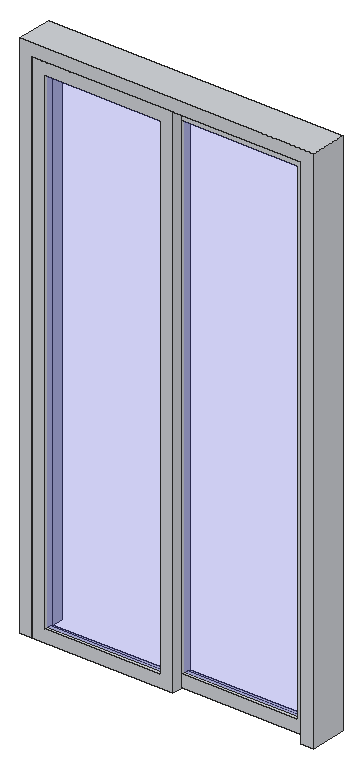
Revit family "Porta de correr dupla envidraçada sem revestimento", category Portas, Revit 2019
Family settings
  Hospedeiro = Parede
  Número OmniClass = 23.30.10.00
  Título OmniClass = Doors
  Sempre na vertical = Sim
  Corte com vazios quando carregada = Não
  Compartilhado = Não
  Ponto de cálculo do ambiente = Não
Parameters (values of type "1200 x 2180mm")
  Visual Light Transmittance = 0.9
  Espessura = Espessura da moldura do painel * 2 + 10 mm  # 90 mm
  Solar Heat Gain Coefficient = 0.78
  Rough Width = Width  # 1200 mm
  Rough Height = Height  # 2180 mm
  Largura da moldura do painel = 50 mm
  Espessura da moldura do painel = 40 mm
  ID do tipo de construção = ""
  Coeficiente de transferência de calor (U) = 3.6886 W/(m²·K)
  Largura do puxador = 40 mm
  Material do puxador = none
  Altura do puxador = 200 mm
  Vidro = none
  Função = Exterior
  Largura da estrutura = 50 mm
  Height = 2180 mm
  Fechamento da parede = Por hospedeiro
  Width = 1200 mm
  Material da moldura = none
  Construção analítica = Vidraça única Pilkington 1/8 pol
Types (5, lengths in mm): name | Rough Width | Width
  (no name) | 1200 | 1200
  1200 x 2180mm | 1200 | 1200
  1400 x 2180mm | 1400 | 1400
  1600 x 2180mm | 1600 | 1600
  1800 x 2180mm | 1800 | 1800
Reference planes
  plane 1: y = 0
  plane 2 "Centro (Esquerda/Direita)": x = 0
  plane 3 "Esquerda": x = -600
  plane 4 "Direita": x = 600
  plane 5: z = 2180
  plane 6 "Exterior": y = 75
  plane 7 "Interior": y = -75
  plane 8: x = -550
  plane 9: x = -500
  plane 10: x = 500
  plane 11: x = 550
  plane 12: y = -35
  plane 13: z = 0
  plane 14: z = 2080
  plane 15: z = 50
  plane 16: z = 2130
  plane 17: x = 25
  plane 18: x = -25
  plane 19: z = 1065
  plane 20: x = 262.5
  plane 21: x = -262.5
  plane 22: z = 900
  plane 23: y = -75
  plane 24: y = -30
  plane 25: y = 10
  plane 26: y = -55
  plane 27: y = -10
  plane 28: y = -3
  plane 29: y = -17
  plane 30: y = -48
  plane 31: y = -62
  plane 32: z = 1000
  plane 33: z = 800
  plane 34: z = 962
  plane 35: z = 838
  plane 36: x = 20
  plane 37: x = -20
  plane 38: x = 17
  plane 39: x = -17
  plane 40: x = 400
  plane 41: x = 125
  plane 42: through (400, 300, 1065) normal (0.5, 0, 0.866)
  plane 43: through (400, 300, 1065) normal (-0.5, 0, 0.866)
  plane 44: x = -400
  plane 45: x = -125
  plane 46: through (-400, 300, 1065) normal (0.5, 0, -0.866)
  plane 47: through (-400, 300, 1065) normal (-0.5, 0, -0.866)
Forms (mm)
  Sweep 1, solid, material <- "Material da moldura"
    path origin (0, 75, 0) x (1, 0, 0) y (0, 0, 1)
      loop
        line (600, 0) -> (600, 2180) -> (-600, 2180) -> (-600, 0)
    profile origin (600, 75, 1090) x (-1, 0, 0) y (0, -1, 0)
      loop
        line (0, 0) -> (50, 0) -> (50, 150) -> (0, 150) -> (0, 0)
  Sweep 2, solid, material <- "Material da moldura"
    path origin (0, 75, 0) x (-1, 0, 0) y (0, 0, 1)
      loop
        line (-550, 0) -> (25, 0) -> (25, 2130) -> (-550, 2130) -> (-550, 0)
    profile origin (550, 75, 1065) x (-1, 0, 0) y (0, -1, 0)
      loop
        line (50, 65) -> (50, 105) -> (0, 105) -> (0, 65) -> (50, 65)
  Extrusion 3, solid, material <- "Vidro", detail levels fine
    sketch origin (0, 0, 0) x (-1, 0, 0) y (0, -1, 0)
      loop
        line (500, 48) -> (500, 62) -> (25, 62) -> (25, 48) -> (500, 48)
      loop
        line (-25, 3) -> (-25, 17) -> (-500, 17) -> (-500, 3) -> (-25, 3)
    from 50 to 2080
  Sweep 4, solid, material <- "Material da moldura"
    path origin (0, 75, 50) x (-1, 0, 0) y (0, 0, 1)
      loop
        line (550, -50) -> (550, 2080) -> (-25, 2080) -> (-25, -50) -> (550, -50)
    profile origin (-550, 75, 1065) x (-1, 0, 0) y (0, -1, 0)
      loop
        line (-50, 150) -> (-50, 110) -> (0, 110) -> (0, 150) -> (-50, 150)
  Extrusion 5, solid, material <- "Vidro"
    sketch origin (0, 165, 0) x (-1, 0, 0) y (0, -1, 0)
      loop
        line (25, 213) -> (500, 213) -> (500, 227) -> (25, 227) -> (25, 213)
      loop
        line (-25, 168) -> (-25, 182) -> (-500, 182) -> (-500, 168) -> (-25, 168)
    from 50 to 2080
Lines and regions (mm)
  Opening 1
    outline origin (-3050, -75, 0) x (1, 0, 0) y (0, 0, 1)
      loop
        line (2450, 0) -> (3650, 0) -> (3650, 2180) -> (2450, 2180) -> (2450, 0)
  symbolic lines, style "Giro da elevação"
    curve 1: line (550, 75, 2130) -> (-25, 75, 0)
    curve 2: line (-25, 75, 2130) -> (550, 75, 0)
    curve 3: line (-550, 75, 2130) -> (25, 75, 0)
    curve 4: line (25, 75, 2130) -> (-550, 75, 0)
  model lines, style "DoorsGlassProjection", detail levels medium
    curve 5: line (-25, -55, 2080) -> (-500, -55, 2080)
    curve 6: line (-25, -55, 50) -> (-25, -55, 2080)
    curve 7: line (-500, -55, 50) -> (-25, -55, 50)
    curve 8: line (-500, -55, 2080) -> (-500, -55, 50)
    curve 9: line (500, -10, 2080) -> (25, -10, 2080)
    curve 10: line (500, -10, 50) -> (500, -10, 2080)
    curve 11: line (25, -10, 50) -> (500, -10, 50)
    curve 12: line (25, -10, 2080) -> (25, -10, 50)
  symbolic lines, style "Seta"
    curve 13: line (400, -10, 1065) -> (125, -10, 1065)
    curve 14: line (400, -10, 1065) -> (322.058, -10, 1110)
    curve 15: line (400, -10, 1065) -> (322.058, -10, 1020)
    curve 16: line (-400, -10, 1065) -> (-125, -10, 1065)
    curve 17: line (-400, -10, 1065) -> (-322.058, -10, 1110)
    curve 18: line (-400, -10, 1065) -> (-322.058, -10, 1020)
Text (mm)
  text "Externo" at (-2295.016, 1099.543, 0), in view "Nível de referência"
  text "Externo" at (0, 1615.38, 3698.081), in view "Esquerda"
  text "Externo" at (0, 1036.032, 3874.932), in view "Direita"
Dimensions and locks
  equal spacing: plane 3 "Esquerda", plane 2 "Centro (Esquerda/Direita)", plane 4 "Direita"
  "Width": plane 3 "Esquerda" to plane 4 "Direita"
  "Height": host wall to plane 5
  host wall to plane 5 = 2180 mm
  locked: plane 6 "Exterior" to host wall at 0
  locked: plane 7 "Interior" to host wall
  "Largura da estrutura": plane 3 "Esquerda" to plane 8
  "Largura da estrutura": plane 11 to plane 4 "Direita"
  "Largura da moldura do painel": plane 8 to plane 9
  "Largura da moldura do painel": plane 10 to plane 11
  "Largura da estrutura": plane 16 to plane 5
  "Largura da moldura do painel": plane 14 to plane 16
  "Largura da estrutura": plane 13 to plane 15
  equal spacing: plane 18, plane 2 "Centro (Esquerda/Direita)", plane 17
  "Largura da moldura do painel": plane 18 to plane 17
  equal spacing: plane 13, plane 19, plane 16
  equal spacing: plane 11, plane 20, plane 18
  equal spacing: plane 8, plane 21, plane 17
  "Espessura da moldura do painel": plane 12 to plane 23
  "Espessura da moldura do painel": plane 25 to plane 24
  equal spacing: plane 12, plane 26, plane 23
  equal spacing: plane 25, plane 27, plane 24
  plane 28 to plane 27 to plane 29 = 7 mm locked, 7 mm locked
  plane 31 to plane 26 to plane 30 = 7 mm locked, 7 mm locked
  locked: plane 13 to plane 22 at 900
  equal spacing: plane 33, plane 22, plane 32
  "Altura do puxador": plane 33 to plane 32
  locked: plane 33 to plane 35 at 38
  locked: plane 34 to plane 32 at 38
  equal spacing: plane 37, plane 2 "Centro (Esquerda/Direita)", plane 36
  "Largura do puxador": plane 37 to plane 36
  locked: nested 1 to plane 38 at 2
  locked: plane 39 to nested 1 at 2
  locked: plane 40 to plane 41 at 275
  equal spacing: plane 40, plane 20, plane 41
  locked: curve 14 to curve 14 at 90
  locked: curve 15 to curve 15 at 90
  locked: plane 44 to plane 45 at 275
  equal spacing: plane 44, plane 21, plane 45
  locked: curve 17 to curve 17 at 90
  locked: curve 18 to curve 18 at 90
  locked: plane 24 to plane 12 at 5
  locked: plane 19 to plane 42 (angle 30.00°)
  locked: plane 43 to plane 19 (angle 30.00°)
  locked: plane 46 to plane 19 (angle 30.00°)
  locked: plane 19 to plane 47 (angle 30.00°)
  aligned and locked: plane 3 "Esquerda" to Opening 1 sketch curve
  aligned and locked: plane 5 to Opening 1 sketch curve  (x2)
  aligned and locked: Opening 1 sketch curve to plane 4 "Direita"
  aligned and locked: Opening 1 sketch curve to level
  aligned and locked: plane 1 to host wall
  aligned and locked: level to plane 13
  aligned and locked: Sweep 1 sketch curve to plane 3 "Esquerda"
  aligned and locked: plane 5 to Sweep 1 sketch curve
  aligned and locked: plane 4 "Direita" to Sweep 1 sketch curve
  aligned and locked: Sweep 1 sketch curve to profile plane
  aligned and locked: Sweep 1 sketch curve to host wall
  aligned and locked: host wall to Sweep 1 sketch curve
  aligned and locked: Sweep 1 sketch curve to plane 11
  aligned and locked: Sweep 4 sketch curve to plane 8
  aligned and locked: Sweep 4 sketch curve to plane 17
  aligned and locked: Sweep 2 sketch curve to plane 11
  aligned and locked: Sweep 2 sketch curve to plane 16
  aligned and locked: Sweep 2 sketch curve to plane 18
  aligned and locked: plane 13 to Sweep 2 sketch curve
  aligned and locked: plane 9 to Extrusion 3 sketch curve
  aligned and locked: plane 18 to Extrusion 3 sketch curve
  aligned and locked: Extrusion 3 sketch curve to plane 17
  aligned and locked: Extrusion 3 sketch curve to plane 10
  aligned and locked: plane 16 to curve 1
  aligned and locked: plane 11 to curve 1
  aligned and locked: plane 18 to curve 2
  aligned and locked: plane 16 to curve 2
  aligned and locked: plane 11 to curve 2
  aligned and locked: plane 13 to curve 2
  aligned and locked: plane 18 to curve 1
  aligned and locked: plane 13 to curve 1
  aligned and locked: plane 16 to curve 3
  aligned and locked: plane 8 to curve 3
  aligned and locked: plane 16 to curve 4
  aligned and locked: plane 13 to curve 4
  aligned and locked: plane 8 to curve 4
  aligned and locked: plane 17 to curve 3
  aligned and locked: plane 13 to curve 3
  aligned and locked: Sweep 4 sketch curve to plane 13
  aligned and locked: plane 16 to Sweep 4 sketch curve
  aligned and locked: plane 23 to Sweep 4 sketch curve
  aligned and locked: Sweep 4 sketch curve to plane 9
  aligned and locked: Sweep 4 sketch curve to plane 12
  aligned and locked: profile plane to Sweep 4 sketch curve
  aligned and locked: Sweep 2 sketch curve to plane 25
  aligned and locked: plane 10 to Sweep 2 sketch curve
  aligned and locked: plane 24 to Sweep 2 sketch curve
  aligned and locked: Sweep 2 sketch curve to profile plane
  aligned and locked: Extrusion 3 sketch curve to plane 28
  aligned and locked: plane 29 to Extrusion 3 sketch curve
  aligned and locked: Extrusion 3 sketch curve to plane 30
  aligned and locked: Extrusion 3 sketch curve to plane 31
  aligned and locked: plane 14 to Extrusion 5
  aligned and locked: Extrusion 5 to plane 15
  aligned and locked: plane 18 to curve 6
  aligned and locked: curve 5 to plane 14
  aligned and locked: plane 9 to curve 8
  aligned and locked: plane 15 to curve 7
  aligned and locked: plane 15 to curve 11
  aligned and locked: curve 12 to plane 17
  aligned and locked: curve 9 to plane 14
  aligned and locked: curve 10 to plane 10
  aligned and locked: nested 1 to plane 25
  aligned and locked: plane 2 "Centro (Esquerda/Direita)" to nested 1
  aligned and locked: plane 22 to nested 1
  aligned and locked: Extrusion 5 sketch curve to plane 28
  aligned and locked: Extrusion 5 sketch curve to plane 17
  aligned and locked: plane 29 to Extrusion 5 sketch curve
  aligned and locked: Extrusion 5 sketch curve to plane 10
  aligned and locked: plane 14 to Extrusion 3
  aligned and locked: Extrusion 5 to plane 14
  aligned and locked: curve 14 to plane 42
  aligned and locked: curve 15 to plane 43
  aligned and locked: curve 17 to plane 46
  aligned and locked: curve 18 to plane 47
  aligned and locked: plane 23 to plane 7 "Interior"
Automatic sketch dimensions
  Sweep 1 sketch curve to level = 0 mm  (x2)
  plane 17 to curve 4 = 0 mm
  Extrusion 5 sketch curve to plane 18 = 0 mm
  Extrusion 5 sketch curve to plane 9 = 0 mm
  plane 31 to Extrusion 5 sketch curve = 0 mm
  Extrusion 5 sketch curve to plane 30 = 0 mm
  curve 13 to plane 41 = 0 mm
  curve 16 to plane 45 = 0 mm
Nested families
  nested 1: "Maçaneta da porta 3" at (0, 10, 900), type "Maçaneta da porta 3", detail levels fine
Definition of nested family "Maçaneta da porta 3"
  Parameters
    Width = 40 mm
    Thickness = 3 mm
    Rough Width = Width  # 40 mm
    Rough Height = Height  # 200 mm
    Height = 200 mm
    Material do puxador = none
  Reference planes
    plane 1 "Centro (Frente/Trás)": y = 0
    plane 2: z = 0
    plane 3 "Centro (Esquerda/Direita)": x = 0
    plane 4: x = -20
    plane 5: x = 20
    plane 6: y = 3
    plane 7: z = 100
    plane 8: z = -100
    plane 9: y = -10
    plane 10: x = 15
    plane 11: x = -15
    plane 12: z = 60
    plane 13: z = -60
    plane 14: z = 85
    plane 15: z = -85
    plane 16: z = 62
    plane 17: x = 17
    plane 18: x = -17
    plane 19: z = -62
    plane 20: y = -8
    plane 21: y = -15
  Forms (mm)
    Extrusion 1, solid, material <- "Material do puxador"
      sketch origin (0, 0, 0) x (1, 0, 0) y (0, 0, 1)
        loop
          line (10, 100) -> (-10, 100)
          arc (-10, 100) -> (-17.071, 97.071) -> (-20, 90) r 10
          line (-20, 90) -> (-20, -90)
          arc (-20, -90) -> (-17.071, -97.071) -> (-10, -100) r 10
          line (-10, -100) -> (10, -100)
          arc (10, -100) -> (17.071, -97.071) -> (20, -90) r 10
          line (20, -90) -> (20, 90)
          arc (20, 90) -> (17.071, 97.071) -> (10, 100) r 10
        loop
          line (10, 60) -> (-10, 60)
          arc (-10, 60) -> (-13.536, 58.536) -> (-15, 55) r 5
          line (-15, 55) -> (-15, -55)
          arc (-15, -55) -> (-13.536, -58.536) -> (-10, -60) r 5
          line (-10, -60) -> (10, -60)
          arc (10, -60) -> (13.536, -58.536) -> (15, -55) r 5
          line (15, -55) -> (15, 55)
          arc (15, 55) -> (13.536, 58.536) -> (10, 60) r 5
        loop
          circle (0, 85) r 5
        loop
          circle (0, -85) r 5
      from -3 to 0
    Extrusion 2, solid, material <- "Material do puxador"
      sketch origin (0, 0, 0) x (1, 0, 0) y (0, 0, 1)
        loop
          arc (-10, 60) -> (-13.536, 58.536) -> (-15, 55) r 5
          line (-15, 55) -> (-15, -55)
          arc (-15, -55) -> (-13.536, -58.536) -> (-10, -60) r 5
          line (-10, -60) -> (10, -60)
          arc (10, -60) -> (13.536, -58.536) -> (15, -55) r 5
          line (15, -55) -> (15, 55)
          arc (15, 55) -> (13.536, 58.536) -> (10, 60) r 5
          line (10, 60) -> (-10, 60)
        loop
          arc (-10, 62) -> (-14.95, 59.95) -> (-17, 55) r 7
          line (-17, 55) -> (-17, -55)
          arc (-17, -55) -> (-14.95, -59.95) -> (-10, -62) r 7
          line (-10, -62) -> (10, -62)
          arc (10, -62) -> (14.95, -59.95) -> (17, -55) r 7
          line (17, -55) -> (17, 55)
          arc (17, 55) -> (14.95, 59.95) -> (10, 62) r 7
          line (10, 62) -> (-10, 62)
      from 0 to 10
    Extrusion 3, solid, material <- "Material do puxador"
      sketch origin (0, 0, 0) x (1, 0, 0) y (0, 0, 1)
        loop
          arc (-10, 60) -> (-13.536, 58.536) -> (-15, 55) r 5
          line (-15, 55) -> (-15, -55)
          arc (-15, -55) -> (-13.536, -58.536) -> (-10, -60) r 5
          line (-10, -60) -> (10, -60)
          arc (10, -60) -> (13.536, -58.536) -> (15, -55) r 5
          line (15, -55) -> (15, 55)
          arc (15, 55) -> (13.536, 58.536) -> (10, 60) r 5
          line (10, 60) -> (-10, 60)
      from 8 to 10
    Extrusion 4, void
      sketch origin (0, 0, 0) x (1, 0, 0) y (0, 0, 1)
        loop
          line (-17, 62) -> (-17, -62) -> (17, -62) -> (17, 62) -> (-17, 62)
      from 0 to 15
  Cuts and joins
    Extrusion 4 cuts Extrusion 1
    Extrusion 4 cuts Extrusion 2
    Extrusion 4 cuts Extrusion 3
    joined: Extrusion 1, Extrusion 2, Extrusion 3
  Dimensions and locks
    equal spacing: plane 4, plane 3 "Centro (Esquerda/Direita)", plane 5
    "Thickness": plane 6 to plane 1 "Centro (Frente/Trás)"
    "Width": plane 4 to plane 5
    equal spacing: plane 7, plane 2, plane 8
    "Height": plane 7 to plane 8
    locked: plane 10 to plane 5 at 5
    locked: plane 4 to plane 11 at 5
    locked: plane 8 to plane 13 at 40
    locked: plane 12 to plane 7 at 40
    locked: plane 14 to plane 7 at 15
    locked: plane 8 to plane 15 at 15
    locked: plane 9 to cut or joined group of Extrusion 1, Extrusion 2, Extrusion 3, Extrusion 4 at 10
    locked: plane 18 to plane 11 at 2
    locked: plane 19 to plane 13 at 2
    locked: plane 12 to plane 16 at 2
    locked: plane 10 to plane 17 at 2
    locked: plane 20 to plane 9 at 2
    locked: plane 9 to plane 21 at 5
    radius of Extrusion 1 sketch curve = 10 mm  (x4)
    radius of Extrusion 1 sketch curve = 5 mm  (x6)
    radius of Extrusion 2 sketch curve = 7 mm  (x4)
    aligned and locked: level to plane 2
    aligned and locked: plane 7 to Extrusion 1 sketch curve
    aligned and locked: plane 5 to Extrusion 1 sketch curve
    aligned and locked: Extrusion 1 sketch curve to plane 8
    aligned and locked: Extrusion 1 sketch curve to plane 4
    aligned and locked: plane 12 to Extrusion 1 sketch curve
    aligned and locked: Extrusion 1 sketch curve to plane 10
    aligned and locked: Extrusion 1 sketch curve to plane 13
    aligned and locked: plane 11 to Extrusion 1 sketch curve
    aligned and locked: plane 6 to Extrusion 1
    aligned and locked: plane 1 "Centro (Frente/Trás)" to Extrusion 1
    aligned and locked: plane 14 to Extrusion 1 sketch curve
    aligned and locked: plane 3 "Centro (Esquerda/Direita)" to Extrusion 1 sketch curve  (x2)
    aligned and locked: plane 15 to Extrusion 1 sketch curve
    aligned and locked: Extrusion 2 sketch curve to Extrusion 1  (x4)
    aligned and locked: Extrusion 2 to plane 1 "Centro (Frente/Trás)"
    aligned and locked: Extrusion 2 to plane 9
    aligned and locked: plane 16 to Extrusion 2 sketch curve
    aligned and locked: Extrusion 2 sketch curve to plane 17
    aligned and locked: plane 19 to Extrusion 2 sketch curve
    aligned and locked: Extrusion 2 sketch curve to plane 18
    aligned and locked: Extrusion 3 sketch curve to cut or joined group of Extrusion 1, Extrusion 2, Extrusion 3, Extrusion 4  (x4)
    aligned and locked: plane 20 to Extrusion 3
    aligned and locked: Extrusion 3 to plane 9
    aligned and locked: Extrusion 4 sketch curve to plane 16
    aligned and locked: plane 18 to Extrusion 4 sketch curve
    aligned and locked: Extrusion 4 sketch curve to plane 19
    aligned and locked: plane 17 to Extrusion 4 sketch curve
    aligned and locked: Extrusion 4 to plane 1 "Centro (Frente/Trás)"
    aligned and locked: Extrusion 4 to plane 21
  Automatic sketch dimensions
    Extrusion 1 sketch curve to plane 4 = 0 mm
    Extrusion 1 sketch curve to plane 5 = 0 mm
